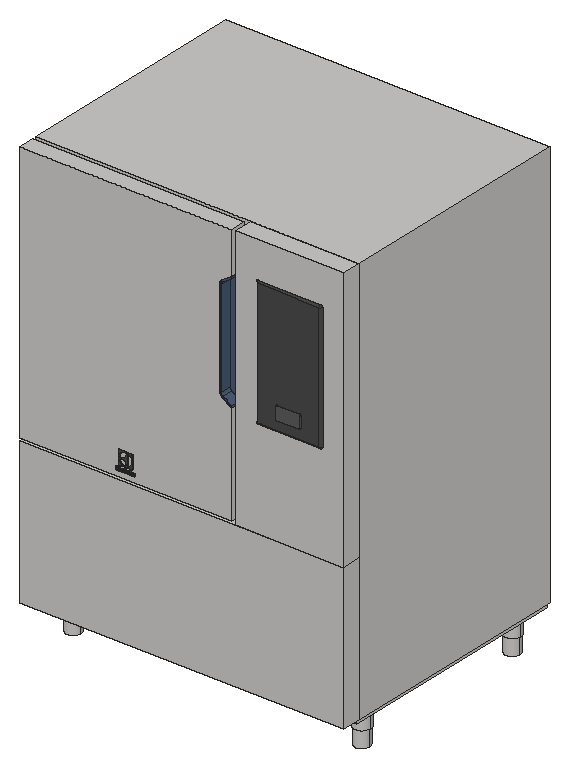
Revit family "QF_ELECTROLUXPROFESSIONAL_727741_EBFA12RE", category Specialty Equipment, Revit 2018 (continued)
Automatic sketch dimensions
  Split face 274 sketch curve to Extrusion 4 = 269.979 mm
  Split face 274 sketch curve to Split face 274 sketch curve = 4.974 mm
  Split face 275 sketch curve to Extrusion 4 = 140.047 mm
  Split face 275 sketch curve to Extrusion 4 = 30.031 mm
  Split face 275 sketch curve to Extrusion 4 = 260.479 mm
  Split face 275 sketch curve to Split face 275 sketch curve = 4.974 mm
  Split face 276 sketch curve to Extrusion 4 = 140.047 mm
  Split face 276 sketch curve to Extrusion 4 = 30.031 mm
  Split face 276 sketch curve to Extrusion 4 = 250.978 mm
  Split face 276 sketch curve to Split face 276 sketch curve = 4.974 mm
  Split face 277 sketch curve to Extrusion 4 = 140.047 mm
  Split face 277 sketch curve to Extrusion 4 = 30.031 mm
  Split face 277 sketch curve to Extrusion 4 = 241.478 mm
  Split face 277 sketch curve to Split face 277 sketch curve = 4.974 mm
  Split face 278 sketch curve to Extrusion 4 = 140.047 mm
  Split face 278 sketch curve to Extrusion 4 = 30.031 mm
  Split face 278 sketch curve to Extrusion 4 = 231.978 mm
  Split face 278 sketch curve to Split face 278 sketch curve = 4.974 mm
  Split face 279 sketch curve to Extrusion 4 = 140.047 mm
  Split face 279 sketch curve to Extrusion 4 = 30.031 mm
  Split face 279 sketch curve to Extrusion 4 = 222.478 mm
  Split face 279 sketch curve to Split face 279 sketch curve = 4.974 mm
  Split face 280 sketch curve to Extrusion 4 = 140.047 mm
  Split face 280 sketch curve to Extrusion 4 = 30.031 mm
  Split face 280 sketch curve to Extrusion 4 = 212.978 mm
  Split face 280 sketch curve to Split face 280 sketch curve = 4.974 mm
  Split face 281 sketch curve to Extrusion 4 = 140.047 mm
  Split face 281 sketch curve to Extrusion 4 = 30.031 mm
  Split face 281 sketch curve to Extrusion 4 = 203.478 mm
  Split face 281 sketch curve to Split face 281 sketch curve = 4.974 mm
  Split face 282 sketch curve to Extrusion 4 = 140.047 mm
  Split face 282 sketch curve to Extrusion 4 = 30.031 mm
  Split face 282 sketch curve to Extrusion 4 = 193.978 mm
  Split face 282 sketch curve to Split face 282 sketch curve = 4.974 mm
  Split face 283 sketch curve to Extrusion 4 = 140.047 mm
  Split face 283 sketch curve to Extrusion 4 = 30.031 mm
  Split face 283 sketch curve to Extrusion 4 = 184.478 mm
  Split face 283 sketch curve to Split face 283 sketch curve = 4.974 mm
  Split face 284 sketch curve to Extrusion 4 = 140.047 mm
  Split face 284 sketch curve to Extrusion 4 = 30.031 mm
  Split face 284 sketch curve to Extrusion 4 = 174.978 mm
  Split face 284 sketch curve to Split face 284 sketch curve = 4.974 mm
  Split face 285 sketch curve to Extrusion 4 = 140.047 mm
  Split face 285 sketch curve to Extrusion 4 = 30.031 mm
  Split face 285 sketch curve to Extrusion 4 = 165.478 mm
  Split face 285 sketch curve to Split face 285 sketch curve = 4.974 mm
  Split face 286 sketch curve to Extrusion 4 = 140.047 mm
  Split face 286 sketch curve to Extrusion 4 = 30.031 mm
  Split face 286 sketch curve to Extrusion 4 = 155.978 mm
  Split face 286 sketch curve to Split face 286 sketch curve = 4.974 mm
  Split face 287 sketch curve to Extrusion 4 = 140.047 mm
  Split face 287 sketch curve to Extrusion 4 = 30.031 mm
  Split face 287 sketch curve to Extrusion 4 = 146.478 mm
  Split face 287 sketch curve to Split face 287 sketch curve = 4.974 mm
  Split face 288 sketch curve to Extrusion 4 = 33.499 mm
  Split face 288 sketch curve to Extrusion 4 = 620.012 mm
  Split face 288 sketch curve to Extrusion 4 = 28.525 mm
  Split face 288 sketch curve to Split face 288 sketch curve = 110.016 mm
  Split face 289 sketch curve to Extrusion 4 = 42.999 mm
  Split face 289 sketch curve to Extrusion 4 = 620.012 mm
  Split face 289 sketch curve to Extrusion 4 = 38.025 mm
  Split face 289 sketch curve to Split face 289 sketch curve = 110.016 mm
  Split face 290 sketch curve to Extrusion 4 = 52.499 mm
  Split face 290 sketch curve to Extrusion 4 = 620.012 mm
  Split face 290 sketch curve to Extrusion 4 = 47.525 mm
  Split face 290 sketch curve to Split face 290 sketch curve = 110.016 mm
  Split face 291 sketch curve to Extrusion 4 = 61.999 mm
  Split face 291 sketch curve to Extrusion 4 = 620.012 mm
  Split face 291 sketch curve to Split face 291 sketch curve = 110.016 mm
  Split face 291 sketch curve to Split face 291 sketch curve = 4.974 mm
  Split face 292 sketch curve to Extrusion 4 = 71.499 mm
  Split face 292 sketch curve to Extrusion 4 = 620.012 mm
  Split face 292 sketch curve to Split face 292 sketch curve = 110.016 mm
  Split face 292 sketch curve to Split face 292 sketch curve = 4.974 mm
  Split face 293 sketch curve to Extrusion 4 = 80.999 mm
  Split face 293 sketch curve to Extrusion 4 = 620.012 mm
  Split face 293 sketch curve to Split face 293 sketch curve = 110.016 mm
  Split face 293 sketch curve to Split face 293 sketch curve = 4.974 mm
  Split face 294 sketch curve to Extrusion 4 = 90.499 mm
  Split face 294 sketch curve to Extrusion 4 = 620.012 mm
  Split face 294 sketch curve to Split face 294 sketch curve = 110.016 mm
  Split face 294 sketch curve to Split face 294 sketch curve = 4.974 mm
  Split face 295 sketch curve to Extrusion 4 = 99.999 mm
  Split face 295 sketch curve to Extrusion 4 = 620.012 mm
  Split face 295 sketch curve to Split face 295 sketch curve = 110.016 mm
  Split face 295 sketch curve to Split face 295 sketch curve = 4.974 mm
  Split face 296 sketch curve to Extrusion 4 = 109.499 mm
  Split face 296 sketch curve to Extrusion 4 = 620.012 mm
  Split face 296 sketch curve to Split face 296 sketch curve = 110.016 mm
  Split face 296 sketch curve to Split face 296 sketch curve = 4.974 mm
  Split face 297 sketch curve to Extrusion 4 = 119 mm
  Split face 297 sketch curve to Extrusion 4 = 620.012 mm
  Split face 297 sketch curve to Split face 297 sketch curve = 110.016 mm
  Split face 297 sketch curve to Split face 297 sketch curve = 4.974 mm
  Split face 298 sketch curve to Extrusion 4 = 128.5 mm
  Split face 298 sketch curve to Extrusion 4 = 620.012 mm
  Split face 298 sketch curve to Split face 298 sketch curve = 110.016 mm
  Split face 298 sketch curve to Split face 298 sketch curve = 4.974 mm
  Split face 299 sketch curve to Extrusion 4 = 138 mm
  Split face 299 sketch curve to Extrusion 4 = 620.012 mm
  Split face 299 sketch curve to Split face 299 sketch curve = 110.016 mm
  Split face 299 sketch curve to Split face 299 sketch curve = 4.974 mm
  Split face 300 sketch curve to Extrusion 4 = 147.5 mm
  Split face 300 sketch curve to Extrusion 4 = 620.012 mm
  Split face 300 sketch curve to Split face 300 sketch curve = 110.016 mm
  Split face 300 sketch curve to Split face 300 sketch curve = 4.974 mm
  Split face 301 sketch curve to Extrusion 4 = 157 mm
  Split face 301 sketch curve to Extrusion 4 = 620.012 mm
  Split face 301 sketch curve to Split face 301 sketch curve = 110.016 mm
  Split face 301 sketch curve to Split face 301 sketch curve = 4.974 mm
  Split face 302 sketch curve to Extrusion 4 = 166.5 mm
  Split face 302 sketch curve to Extrusion 4 = 620.012 mm
  Split face 302 sketch curve to Split face 302 sketch curve = 110.016 mm
  Split face 302 sketch curve to Split face 302 sketch curve = 4.974 mm
  Split face 303 sketch curve to Extrusion 4 = 176 mm
  Split face 303 sketch curve to Extrusion 4 = 620.012 mm
  Split face 303 sketch curve to Split face 303 sketch curve = 110.016 mm
  Split face 303 sketch curve to Split face 303 sketch curve = 4.974 mm
  Split face 304 sketch curve to Extrusion 4 = 185.5 mm
  Split face 304 sketch curve to Extrusion 4 = 620.012 mm
  Split face 304 sketch curve to Split face 304 sketch curve = 110.016 mm
  Split face 304 sketch curve to Split face 304 sketch curve = 4.974 mm
  Split face 305 sketch curve to Extrusion 4 = 195 mm
  Split face 305 sketch curve to Extrusion 4 = 620.012 mm
  Split face 305 sketch curve to Split face 305 sketch curve = 110.016 mm
  Split face 305 sketch curve to Split face 305 sketch curve = 4.974 mm
  Split face 306 sketch curve to Extrusion 4 = 204.5 mm
  Split face 306 sketch curve to Extrusion 4 = 620.012 mm
  Split face 306 sketch curve to Split face 306 sketch curve = 110.016 mm
  Split face 306 sketch curve to Split face 306 sketch curve = 4.974 mm
  Split face 307 sketch curve to Extrusion 4 = 214 mm
  Split face 307 sketch curve to Extrusion 4 = 620.012 mm
  Split face 307 sketch curve to Split face 307 sketch curve = 110.016 mm
  Split face 307 sketch curve to Split face 307 sketch curve = 4.974 mm
  Split face 308 sketch curve to Extrusion 4 = 223.5 mm
  Split face 308 sketch curve to Extrusion 4 = 620.012 mm
  Split face 308 sketch curve to Split face 308 sketch curve = 110.016 mm
  Split face 308 sketch curve to Split face 308 sketch curve = 4.974 mm
  Split face 309 sketch curve to Extrusion 4 = 233.001 mm
  Split face 309 sketch curve to Extrusion 4 = 620.012 mm
  Split face 309 sketch curve to Split face 309 sketch curve = 110.016 mm
  Split face 309 sketch curve to Split face 309 sketch curve = 4.974 mm
  Split face 310 sketch curve to Extrusion 4 = 242.501 mm
  Split face 310 sketch curve to Extrusion 4 = 620.012 mm
  Split face 310 sketch curve to Split face 310 sketch curve = 110.016 mm
  Split face 310 sketch curve to Split face 310 sketch curve = 4.974 mm
  Split face 311 sketch curve to Extrusion 4 = 252.001 mm
  Split face 311 sketch curve to Extrusion 4 = 620.012 mm
  Split face 311 sketch curve to Split face 311 sketch curve = 110.016 mm
  Split face 311 sketch curve to Split face 311 sketch curve = 4.974 mm
  Split face 312 sketch curve to Extrusion 4 = 261.501 mm
  Split face 312 sketch curve to Extrusion 4 = 620.012 mm
  Split face 312 sketch curve to Split face 312 sketch curve = 110.016 mm
  Split face 312 sketch curve to Split face 312 sketch curve = 4.974 mm
  Split face 313 sketch curve to Extrusion 4 = 271.001 mm
  Split face 313 sketch curve to Extrusion 4 = 620.012 mm
  Split face 313 sketch curve to Split face 313 sketch curve = 110.016 mm
  Split face 313 sketch curve to Split face 313 sketch curve = 4.974 mm
  Split face 314 sketch curve to Extrusion 4 = 279.479 mm
  Split face 314 sketch curve to Extrusion 4 = 620.012 mm
  Split face 314 sketch curve to Split face 314 sketch curve = 110.016 mm
  Split face 314 sketch curve to Split face 314 sketch curve = 4.974 mm
  Split face 315 sketch curve to Extrusion 4 = 269.979 mm
  Split face 315 sketch curve to Extrusion 4 = 620.012 mm
  Split face 315 sketch curve to Split face 315 sketch curve = 110.016 mm
  Split face 315 sketch curve to Split face 315 sketch curve = 4.974 mm
  Split face 316 sketch curve to Extrusion 4 = 260.479 mm
  Split face 316 sketch curve to Extrusion 4 = 620.012 mm
  Split face 316 sketch curve to Split face 316 sketch curve = 110.016 mm
  Split face 316 sketch curve to Split face 316 sketch curve = 4.974 mm
  Split face 317 sketch curve to Extrusion 4 = 250.978 mm
  Split face 317 sketch curve to Extrusion 4 = 620.012 mm
  Split face 317 sketch curve to Split face 317 sketch curve = 110.016 mm
  Split face 317 sketch curve to Split face 317 sketch curve = 4.974 mm
  Split face 318 sketch curve to Extrusion 4 = 241.478 mm
  Split face 318 sketch curve to Extrusion 4 = 620.012 mm
  Split face 318 sketch curve to Split face 318 sketch curve = 110.016 mm
  Split face 318 sketch curve to Split face 318 sketch curve = 4.974 mm
  Split face 319 sketch curve to Extrusion 4 = 231.978 mm
  Split face 319 sketch curve to Extrusion 4 = 620.012 mm
  Split face 319 sketch curve to Split face 319 sketch curve = 110.016 mm
  Split face 319 sketch curve to Split face 319 sketch curve = 4.974 mm
  Split face 320 sketch curve to Extrusion 4 = 222.478 mm
  Split face 320 sketch curve to Extrusion 4 = 620.012 mm
  Split face 320 sketch curve to Split face 320 sketch curve = 110.016 mm
  Split face 320 sketch curve to Split face 320 sketch curve = 4.974 mm
  Split face 321 sketch curve to Extrusion 4 = 212.978 mm
  Split face 321 sketch curve to Extrusion 4 = 620.012 mm
  Split face 321 sketch curve to Split face 321 sketch curve = 110.016 mm
  Split face 321 sketch curve to Split face 321 sketch curve = 4.974 mm
  Split face 322 sketch curve to Extrusion 4 = 203.478 mm
  Split face 322 sketch curve to Extrusion 4 = 620.012 mm
  Split face 322 sketch curve to Split face 322 sketch curve = 110.016 mm
  Split face 322 sketch curve to Split face 322 sketch curve = 4.974 mm
  Split face 323 sketch curve to Extrusion 4 = 193.978 mm
  Split face 323 sketch curve to Extrusion 4 = 620.012 mm
  Split face 323 sketch curve to Split face 323 sketch curve = 110.016 mm
  Split face 323 sketch curve to Split face 323 sketch curve = 4.974 mm
  Split face 324 sketch curve to Extrusion 4 = 184.478 mm
  Split face 324 sketch curve to Extrusion 4 = 620.012 mm
  Split face 324 sketch curve to Split face 324 sketch curve = 110.016 mm
  Split face 324 sketch curve to Split face 324 sketch curve = 4.974 mm
  Split face 325 sketch curve to Extrusion 4 = 174.978 mm
  Split face 325 sketch curve to Extrusion 4 = 620.012 mm
  Split face 325 sketch curve to Split face 325 sketch curve = 110.016 mm
  Split face 325 sketch curve to Split face 325 sketch curve = 4.974 mm
  Split face 326 sketch curve to Extrusion 4 = 165.478 mm
  Split face 326 sketch curve to Extrusion 4 = 620.012 mm
  Split face 326 sketch curve to Split face 326 sketch curve = 110.016 mm
  Split face 326 sketch curve to Split face 326 sketch curve = 4.974 mm
  Split face 327 sketch curve to Extrusion 4 = 155.978 mm
  Split face 327 sketch curve to Extrusion 4 = 620.012 mm
  Split face 327 sketch curve to Split face 327 sketch curve = 110.016 mm
  Split face 327 sketch curve to Split face 327 sketch curve = 4.974 mm
  Split face 328 sketch curve to Extrusion 4 = 146.478 mm
  Split face 328 sketch curve to Extrusion 4 = 620.012 mm
  Split face 328 sketch curve to Split face 328 sketch curve = 110.016 mm
  Split face 328 sketch curve to Split face 328 sketch curve = 4.974 mm
  Split face 329 sketch curve to Extrusion 4 = 33.499 mm
  Split face 329 sketch curve to Extrusion 4 = 500.021 mm
  Split face 329 sketch curve to Extrusion 4 = 28.525 mm
  Split face 329 sketch curve to Split face 329 sketch curve = 110.016 mm
  Split face 330 sketch curve to Extrusion 4 = 42.999 mm
  Split face 330 sketch curve to Extrusion 4 = 500.021 mm
  Split face 330 sketch curve to Extrusion 4 = 38.025 mm
  Split face 330 sketch curve to Split face 330 sketch curve = 110.016 mm
  Split face 331 sketch curve to Extrusion 4 = 52.499 mm
  Split face 331 sketch curve to Extrusion 4 = 500.021 mm
  Split face 331 sketch curve to Extrusion 4 = 47.525 mm
  Split face 331 sketch curve to Split face 331 sketch curve = 110.016 mm
  Split face 332 sketch curve to Extrusion 4 = 61.999 mm
  Split face 332 sketch curve to Extrusion 4 = 500.021 mm
  Split face 332 sketch curve to Split face 332 sketch curve = 110.016 mm
  Split face 332 sketch curve to Split face 332 sketch curve = 4.974 mm
  Split face 333 sketch curve to Extrusion 4 = 71.499 mm
  Split face 333 sketch curve to Extrusion 4 = 500.021 mm
  Split face 333 sketch curve to Split face 333 sketch curve = 110.016 mm
  Split face 333 sketch curve to Split face 333 sketch curve = 4.974 mm
  Split face 334 sketch curve to Extrusion 4 = 80.999 mm
  Split face 334 sketch curve to Extrusion 4 = 500.021 mm
  Split face 334 sketch curve to Split face 334 sketch curve = 110.016 mm
  Split face 334 sketch curve to Split face 334 sketch curve = 4.974 mm
  Split face 335 sketch curve to Extrusion 4 = 90.499 mm
  Split face 335 sketch curve to Extrusion 4 = 500.021 mm
  Split face 335 sketch curve to Split face 335 sketch curve = 110.016 mm
  Split face 335 sketch curve to Split face 335 sketch curve = 4.974 mm
  Split face 336 sketch curve to Extrusion 4 = 99.999 mm
  Split face 336 sketch curve to Extrusion 4 = 500.021 mm
  Split face 336 sketch curve to Split face 336 sketch curve = 110.016 mm
  Split face 336 sketch curve to Split face 336 sketch curve = 4.974 mm
  Split face 337 sketch curve to Extrusion 4 = 109.499 mm
  Split face 337 sketch curve to Extrusion 4 = 500.021 mm
  Split face 337 sketch curve to Split face 337 sketch curve = 110.016 mm
  Split face 337 sketch curve to Split face 337 sketch curve = 4.974 mm
  Split face 338 sketch curve to Extrusion 4 = 119 mm
  Split face 338 sketch curve to Extrusion 4 = 500.021 mm
  Split face 338 sketch curve to Split face 338 sketch curve = 110.016 mm
  Split face 338 sketch curve to Split face 338 sketch curve = 4.974 mm
  Split face 339 sketch curve to Extrusion 4 = 128.5 mm
  Split face 339 sketch curve to Extrusion 4 = 500.021 mm
  Split face 339 sketch curve to Split face 339 sketch curve = 110.016 mm
  Split face 339 sketch curve to Split face 339 sketch curve = 4.974 mm
  Split face 340 sketch curve to Extrusion 4 = 138 mm
  Split face 340 sketch curve to Extrusion 4 = 500.021 mm
  Split face 340 sketch curve to Split face 340 sketch curve = 110.016 mm
  Split face 340 sketch curve to Split face 340 sketch curve = 4.974 mm
  Split face 341 sketch curve to Extrusion 4 = 147.5 mm
  Split face 341 sketch curve to Extrusion 4 = 500.021 mm
  Split face 341 sketch curve to Split face 341 sketch curve = 110.016 mm
  Split face 341 sketch curve to Split face 341 sketch curve = 4.974 mm
  Split face 342 sketch curve to Extrusion 4 = 157 mm
  Split face 342 sketch curve to Extrusion 4 = 500.021 mm
  Split face 342 sketch curve to Split face 342 sketch curve = 110.016 mm
  Split face 342 sketch curve to Split face 342 sketch curve = 4.974 mm
  Split face 343 sketch curve to Extrusion 4 = 166.5 mm
  Split face 343 sketch curve to Extrusion 4 = 500.021 mm
  Split face 343 sketch curve to Split face 343 sketch curve = 110.016 mm
  Split face 343 sketch curve to Split face 343 sketch curve = 4.974 mm
  Split face 344 sketch curve to Extrusion 4 = 176 mm
  Split face 344 sketch curve to Extrusion 4 = 500.021 mm
  Split face 344 sketch curve to Split face 344 sketch curve = 110.016 mm
  Split face 344 sketch curve to Split face 344 sketch curve = 4.974 mm
  Split face 345 sketch curve to Extrusion 4 = 185.5 mm
  Split face 345 sketch curve to Extrusion 4 = 500.021 mm
  Split face 345 sketch curve to Split face 345 sketch curve = 110.016 mm
  Split face 345 sketch curve to Split face 345 sketch curve = 4.974 mm
  Split face 346 sketch curve to Extrusion 4 = 195 mm
  Split face 346 sketch curve to Extrusion 4 = 500.021 mm
  Split face 346 sketch curve to Split face 346 sketch curve = 110.016 mm
  Split face 346 sketch curve to Split face 346 sketch curve = 4.974 mm
  Split face 347 sketch curve to Extrusion 4 = 204.5 mm
  Split face 347 sketch curve to Extrusion 4 = 500.021 mm
  Split face 347 sketch curve to Split face 347 sketch curve = 110.016 mm
  Split face 347 sketch curve to Split face 347 sketch curve = 4.974 mm
  Split face 348 sketch curve to Extrusion 4 = 214 mm
  Split face 348 sketch curve to Extrusion 4 = 500.021 mm
  Split face 348 sketch curve to Split face 348 sketch curve = 110.016 mm
  Split face 348 sketch curve to Split face 348 sketch curve = 4.974 mm
  Split face 349 sketch curve to Extrusion 4 = 223.5 mm
  Split face 349 sketch curve to Extrusion 4 = 500.021 mm
  Split face 349 sketch curve to Split face 349 sketch curve = 110.016 mm
  Split face 349 sketch curve to Split face 349 sketch curve = 4.974 mm
  Split face 350 sketch curve to Extrusion 4 = 233.001 mm
  Split face 350 sketch curve to Extrusion 4 = 500.021 mm
  Split face 350 sketch curve to Split face 350 sketch curve = 110.016 mm
  Split face 350 sketch curve to Split face 350 sketch curve = 4.974 mm
  Split face 351 sketch curve to Extrusion 4 = 242.501 mm
  Split face 351 sketch curve to Extrusion 4 = 500.021 mm
  Split face 351 sketch curve to Split face 351 sketch curve = 110.016 mm
  Split face 351 sketch curve to Split face 351 sketch curve = 4.974 mm
  Split face 352 sketch curve to Extrusion 4 = 500.021 mm
  Split face 352 sketch curve to Split face 352 sketch curve = 110.016 mm
  Split face 352 sketch curve to Extrusion 4 = 252.001 mm
  Split face 352 sketch curve to Split face 352 sketch curve = 4.974 mm
  Split face 353 sketch curve to Extrusion 4 = 500.021 mm
  Split face 353 sketch curve to Split face 353 sketch curve = 110.016 mm
  Split face 353 sketch curve to Extrusion 4 = 261.501 mm
  Split face 353 sketch curve to Split face 353 sketch curve = 4.974 mm
  Split face 354 sketch curve to Extrusion 4 = 500.021 mm
  Split face 354 sketch curve to Split face 354 sketch curve = 110.016 mm
  Split face 354 sketch curve to Extrusion 4 = 271.001 mm
  Split face 354 sketch curve to Split face 354 sketch curve = 4.974 mm
  Split face 355 sketch curve to Extrusion 4 = 500.021 mm
  Split face 355 sketch curve to Split face 355 sketch curve = 110.016 mm
  Split face 355 sketch curve to Extrusion 4 = 279.479 mm
  Split face 355 sketch curve to Split face 355 sketch curve = 4.974 mm
  Split face 356 sketch curve to Extrusion 4 = 500.021 mm
  Split face 356 sketch curve to Split face 356 sketch curve = 110.016 mm
  Split face 356 sketch curve to Extrusion 4 = 269.979 mm
  Split face 356 sketch curve to Split face 356 sketch curve = 4.974 mm
  Split face 357 sketch curve to Extrusion 4 = 500.021 mm
  Split face 357 sketch curve to Split face 357 sketch curve = 110.016 mm
  Split face 357 sketch curve to Extrusion 4 = 260.479 mm
  Split face 357 sketch curve to Split face 357 sketch curve = 4.974 mm
  Split face 358 sketch curve to Extrusion 4 = 500.021 mm
  Split face 358 sketch curve to Split face 358 sketch curve = 110.016 mm
  Split face 358 sketch curve to Extrusion 4 = 250.978 mm
  Split face 358 sketch curve to Split face 358 sketch curve = 4.974 mm
  Split face 359 sketch curve to Extrusion 4 = 241.478 mm
  Split face 359 sketch curve to Extrusion 4 = 500.021 mm
  Split face 359 sketch curve to Split face 359 sketch curve = 110.016 mm
  Split face 359 sketch curve to Split face 359 sketch curve = 4.974 mm
  Split face 360 sketch curve to Extrusion 4 = 231.978 mm
  Split face 360 sketch curve to Extrusion 4 = 500.021 mm
  Split face 360 sketch curve to Split face 360 sketch curve = 110.016 mm
  Split face 360 sketch curve to Split face 360 sketch curve = 4.974 mm
  Split face 361 sketch curve to Extrusion 4 = 222.478 mm
  Split face 361 sketch curve to Extrusion 4 = 500.021 mm
  Split face 361 sketch curve to Split face 361 sketch curve = 110.016 mm
  Split face 361 sketch curve to Split face 361 sketch curve = 4.974 mm
  Split face 362 sketch curve to Extrusion 4 = 212.978 mm
  Split face 362 sketch curve to Extrusion 4 = 500.021 mm
  Split face 362 sketch curve to Split face 362 sketch curve = 110.016 mm
  Split face 362 sketch curve to Split face 362 sketch curve = 4.974 mm
  Split face 363 sketch curve to Extrusion 4 = 203.478 mm
  Split face 363 sketch curve to Extrusion 4 = 500.021 mm
  Split face 363 sketch curve to Split face 363 sketch curve = 110.016 mm
  Split face 363 sketch curve to Split face 363 sketch curve = 4.974 mm
  Split face 364 sketch curve to Extrusion 4 = 193.978 mm
  Split face 364 sketch curve to Extrusion 4 = 500.021 mm
  Split face 364 sketch curve to Split face 364 sketch curve = 110.016 mm
  Split face 364 sketch curve to Split face 364 sketch curve = 4.974 mm
  Split face 365 sketch curve to Extrusion 4 = 184.478 mm
  Split face 365 sketch curve to Extrusion 4 = 500.021 mm
  Split face 365 sketch curve to Split face 365 sketch curve = 110.016 mm
  Split face 365 sketch curve to Split face 365 sketch curve = 4.974 mm
  Split face 366 sketch curve to Extrusion 4 = 174.978 mm
  Split face 366 sketch curve to Extrusion 4 = 500.021 mm
  Split face 366 sketch curve to Split face 366 sketch curve = 110.016 mm
  Split face 366 sketch curve to Split face 366 sketch curve = 4.974 mm
  Split face 367 sketch curve to Extrusion 4 = 165.478 mm
  Split face 367 sketch curve to Extrusion 4 = 500.021 mm
  Split face 367 sketch curve to Split face 367 sketch curve = 110.016 mm
  Split face 367 sketch curve to Split face 367 sketch curve = 4.974 mm
  Split face 368 sketch curve to Extrusion 4 = 155.978 mm
  Split face 368 sketch curve to Extrusion 4 = 500.021 mm
  Split face 368 sketch curve to Split face 368 sketch curve = 110.016 mm
  Split face 368 sketch curve to Split face 368 sketch curve = 4.974 mm
  Split face 369 sketch curve to Extrusion 4 = 146.478 mm
  Split face 369 sketch curve to Extrusion 4 = 500.021 mm
  Split face 369 sketch curve to Split face 369 sketch curve = 110.016 mm
  Split face 369 sketch curve to Split face 369 sketch curve = 4.974 mm
  Split face 370 sketch curve to Extrusion 4 = 33.499 mm
  Split face 370 sketch curve to Extrusion 4 = 509.996 mm
  Split face 370 sketch curve to Extrusion 4 = 28.525 mm
  Split face 370 sketch curve to Split face 370 sketch curve = 110.016 mm
  Split face 371 sketch curve to Extrusion 4 = 42.999 mm
  Split face 371 sketch curve to Extrusion 4 = 509.996 mm
  Split face 371 sketch curve to Extrusion 4 = 38.025 mm
  Split face 371 sketch curve to Split face 371 sketch curve = 110.016 mm
  Split face 372 sketch curve to Extrusion 4 = 52.499 mm
  Split face 372 sketch curve to Extrusion 4 = 509.996 mm
  Split face 372 sketch curve to Extrusion 4 = 47.525 mm
  Split face 372 sketch curve to Split face 372 sketch curve = 110.016 mm
  Split face 373 sketch curve to Extrusion 4 = 61.999 mm
  Split face 373 sketch curve to Extrusion 4 = 509.996 mm
  Split face 373 sketch curve to Split face 373 sketch curve = 110.016 mm
  Split face 373 sketch curve to Split face 373 sketch curve = 4.974 mm
  Split face 374 sketch curve to Extrusion 4 = 71.499 mm
  Split face 374 sketch curve to Extrusion 4 = 509.996 mm
  Split face 374 sketch curve to Split face 374 sketch curve = 110.016 mm
  Split face 374 sketch curve to Split face 374 sketch curve = 4.974 mm
  Split face 375 sketch curve to Extrusion 4 = 80.999 mm
  Split face 375 sketch curve to Extrusion 4 = 509.996 mm
  Split face 375 sketch curve to Split face 375 sketch curve = 110.016 mm
  Split face 375 sketch curve to Split face 375 sketch curve = 4.974 mm
  Split face 376 sketch curve to Extrusion 4 = 90.499 mm
  Split face 376 sketch curve to Extrusion 4 = 509.996 mm
  Split face 376 sketch curve to Split face 376 sketch curve = 110.016 mm
  Split face 376 sketch curve to Split face 376 sketch curve = 4.974 mm
  Split face 377 sketch curve to Extrusion 4 = 99.999 mm
  Split face 377 sketch curve to Extrusion 4 = 509.996 mm
  Split face 377 sketch curve to Split face 377 sketch curve = 110.016 mm
  Split face 377 sketch curve to Split face 377 sketch curve = 4.974 mm
  Split face 378 sketch curve to Extrusion 4 = 109.499 mm
  Split face 378 sketch curve to Extrusion 4 = 509.996 mm
  Split face 378 sketch curve to Split face 378 sketch curve = 110.016 mm
  Split face 378 sketch curve to Split face 378 sketch curve = 4.974 mm
  Split face 379 sketch curve to Extrusion 4 = 119 mm
  Split face 379 sketch curve to Extrusion 4 = 509.996 mm
  Split face 379 sketch curve to Split face 379 sketch curve = 110.016 mm
  Split face 379 sketch curve to Split face 379 sketch curve = 4.974 mm
  Split face 380 sketch curve to Extrusion 4 = 128.5 mm
  Split face 380 sketch curve to Extrusion 4 = 509.996 mm
  Split face 380 sketch curve to Split face 380 sketch curve = 110.016 mm
  Split face 380 sketch curve to Split face 380 sketch curve = 4.974 mm
  Split face 381 sketch curve to Extrusion 4 = 138 mm
  Split face 381 sketch curve to Extrusion 4 = 509.996 mm
  Split face 381 sketch curve to Split face 381 sketch curve = 110.016 mm
  Split face 381 sketch curve to Split face 381 sketch curve = 4.974 mm
  Split face 382 sketch curve to Extrusion 4 = 147.5 mm
  Split face 382 sketch curve to Extrusion 4 = 509.996 mm
  Split face 382 sketch curve to Split face 382 sketch curve = 110.016 mm
  Split face 382 sketch curve to Split face 382 sketch curve = 4.974 mm
  Split face 383 sketch curve to Extrusion 4 = 157 mm
  Split face 383 sketch curve to Extrusion 4 = 509.996 mm
  Split face 383 sketch curve to Split face 383 sketch curve = 110.016 mm
  Split face 383 sketch curve to Split face 383 sketch curve = 4.974 mm
  Split face 384 sketch curve to Extrusion 4 = 166.5 mm
  Split face 384 sketch curve to Extrusion 4 = 509.996 mm
  Split face 384 sketch curve to Split face 384 sketch curve = 110.016 mm
  Split face 384 sketch curve to Split face 384 sketch curve = 4.974 mm
  Split face 385 sketch curve to Extrusion 4 = 176 mm
  Split face 385 sketch curve to Extrusion 4 = 509.996 mm
  Split face 385 sketch curve to Split face 385 sketch curve = 110.016 mm
  Split face 385 sketch curve to Split face 385 sketch curve = 4.974 mm
  Split face 386 sketch curve to Extrusion 4 = 185.5 mm
  Split face 386 sketch curve to Extrusion 4 = 509.996 mm
  Split face 386 sketch curve to Split face 386 sketch curve = 110.016 mm
  Split face 386 sketch curve to Split face 386 sketch curve = 4.974 mm
  Split face 387 sketch curve to Extrusion 4 = 195 mm
  Split face 387 sketch curve to Extrusion 4 = 509.996 mm
  Split face 387 sketch curve to Split face 387 sketch curve = 110.016 mm
  Split face 387 sketch curve to Split face 387 sketch curve = 4.974 mm
  Split face 388 sketch curve to Extrusion 4 = 204.5 mm
  Split face 388 sketch curve to Extrusion 4 = 509.996 mm
  Split face 388 sketch curve to Split face 388 sketch curve = 110.016 mm
  Split face 388 sketch curve to Split face 388 sketch curve = 4.974 mm
  Split face 389 sketch curve to Extrusion 4 = 214 mm
  Split face 389 sketch curve to Extrusion 4 = 509.996 mm
  Split face 389 sketch curve to Split face 389 sketch curve = 110.016 mm
  Split face 389 sketch curve to Split face 389 sketch curve = 4.974 mm
  Split face 390 sketch curve to Extrusion 4 = 223.5 mm
  Split face 390 sketch curve to Extrusion 4 = 509.996 mm
  Split face 390 sketch curve to Split face 390 sketch curve = 110.016 mm
  Split face 390 sketch curve to Split face 390 sketch curve = 4.974 mm
  Split face 391 sketch curve to Extrusion 4 = 233.001 mm
  Split face 391 sketch curve to Extrusion 4 = 509.996 mm
  Split face 391 sketch curve to Split face 391 sketch curve = 110.016 mm
  Split face 391 sketch curve to Split face 391 sketch curve = 4.974 mm
  Split face 392 sketch curve to Extrusion 4 = 242.501 mm
  Split face 392 sketch curve to Extrusion 4 = 509.996 mm
  Split face 392 sketch curve to Split face 392 sketch curve = 110.016 mm
  Split face 392 sketch curve to Split face 392 sketch curve = 4.974 mm
  Split face 393 sketch curve to Extrusion 4 = 252.001 mm
  Split face 393 sketch curve to Extrusion 4 = 509.996 mm
  Split face 393 sketch curve to Split face 393 sketch curve = 110.016 mm
  Split face 393 sketch curve to Split face 393 sketch curve = 4.974 mm
  Split face 394 sketch curve to Extrusion 4 = 509.996 mm
  Split face 394 sketch curve to Split face 394 sketch curve = 110.016 mm
  Split face 394 sketch curve to Extrusion 4 = 261.501 mm
  Split face 394 sketch curve to Split face 394 sketch curve = 4.974 mm
  Split face 395 sketch curve to Extrusion 4 = 509.996 mm
  Split face 395 sketch curve to Split face 395 sketch curve = 110.016 mm
  Split face 395 sketch curve to Extrusion 4 = 271.001 mm
  Split face 395 sketch curve to Split face 395 sketch curve = 4.974 mm
  Split face 396 sketch curve to Extrusion 4 = 509.996 mm
  Split face 396 sketch curve to Split face 396 sketch curve = 110.016 mm
  Split face 396 sketch curve to Extrusion 4 = 279.479 mm
  Split face 396 sketch curve to Split face 396 sketch curve = 4.974 mm
  Split face 397 sketch curve to Extrusion 4 = 509.996 mm
  Split face 397 sketch curve to Split face 397 sketch curve = 110.016 mm
  Split face 397 sketch curve to Extrusion 4 = 269.979 mm
  Split face 397 sketch curve to Split face 397 sketch curve = 4.974 mm
  Split face 398 sketch curve to Extrusion 4 = 509.996 mm
  Split face 398 sketch curve to Split face 398 sketch curve = 110.016 mm
  Split face 398 sketch curve to Extrusion 4 = 260.479 mm
  Split face 398 sketch curve to Split face 398 sketch curve = 4.974 mm
  Split face 399 sketch curve to Extrusion 4 = 250.978 mm
  Split face 399 sketch curve to Extrusion 4 = 509.996 mm
  Split face 399 sketch curve to Split face 399 sketch curve = 110.016 mm
  Split face 399 sketch curve to Split face 399 sketch curve = 4.974 mm
  Split face 400 sketch curve to Extrusion 4 = 241.478 mm
  Split face 400 sketch curve to Extrusion 4 = 509.996 mm
  Split face 400 sketch curve to Split face 400 sketch curve = 110.016 mm
  Split face 400 sketch curve to Split face 400 sketch curve = 4.974 mm
  Split face 401 sketch curve to Extrusion 4 = 231.978 mm
  Split face 401 sketch curve to Extrusion 4 = 509.996 mm
  Split face 401 sketch curve to Split face 401 sketch curve = 110.016 mm
  Split face 401 sketch curve to Split face 401 sketch curve = 4.974 mm
  Split face 402 sketch curve to Extrusion 4 = 222.478 mm
  Split face 402 sketch curve to Extrusion 4 = 509.996 mm
  Split face 402 sketch curve to Split face 402 sketch curve = 110.016 mm
  Split face 402 sketch curve to Split face 402 sketch curve = 4.974 mm
  Split face 403 sketch curve to Extrusion 4 = 212.978 mm
  Split face 403 sketch curve to Extrusion 4 = 509.996 mm
  Split face 403 sketch curve to Split face 403 sketch curve = 110.016 mm
  Split face 403 sketch curve to Split face 403 sketch curve = 4.974 mm
  Split face 404 sketch curve to Extrusion 4 = 203.478 mm
  Split face 404 sketch curve to Extrusion 4 = 509.996 mm
  Split face 404 sketch curve to Split face 404 sketch curve = 110.016 mm
  Split face 404 sketch curve to Split face 404 sketch curve = 4.974 mm
  Split face 405 sketch curve to Extrusion 4 = 193.978 mm
  Split face 405 sketch curve to Extrusion 4 = 509.996 mm
  Split face 405 sketch curve to Split face 405 sketch curve = 110.016 mm
  Split face 405 sketch curve to Split face 405 sketch curve = 4.974 mm
  Split face 406 sketch curve to Extrusion 4 = 184.478 mm
  Split face 406 sketch curve to Extrusion 4 = 509.996 mm
  Split face 406 sketch curve to Split face 406 sketch curve = 110.016 mm
  Split face 406 sketch curve to Split face 406 sketch curve = 4.974 mm
  Split face 407 sketch curve to Extrusion 4 = 174.978 mm
  Split face 407 sketch curve to Extrusion 4 = 509.996 mm
  Split face 407 sketch curve to Split face 407 sketch curve = 110.016 mm
  Split face 407 sketch curve to Split face 407 sketch curve = 4.974 mm
  Split face 408 sketch curve to Extrusion 4 = 165.478 mm
  Split face 408 sketch curve to Extrusion 4 = 509.996 mm
  Split face 408 sketch curve to Split face 408 sketch curve = 110.016 mm
  Split face 408 sketch curve to Split face 408 sketch curve = 4.974 mm
  Split face 409 sketch curve to Extrusion 4 = 155.978 mm
  Split face 409 sketch curve to Extrusion 4 = 509.996 mm
  Split face 409 sketch curve to Split face 409 sketch curve = 110.016 mm
  Split face 409 sketch curve to Split face 409 sketch curve = 4.974 mm
  Split face 410 sketch curve to Extrusion 4 = 146.478 mm
  Split face 410 sketch curve to Extrusion 4 = 509.996 mm
  Split face 410 sketch curve to Split face 410 sketch curve = 110.016 mm
  Split face 410 sketch curve to Split face 410 sketch curve = 4.974 mm
  Extrusion 14 sketch curve to plane 7 "TOP" = 0 mm
  plane 5 "FRONT" to Extrusion 14 sketch curve = 0 mm
  plane 10 to Extrusion 14 sketch curve = 47.24 mm
  Extrusion 14 sketch curve to plane 7 "TOP" = 186.112 mm
  Extrusion 14 sketch curve to Extrusion 14 sketch curve = 8.487 mm
  Extrusion 14 sketch curve to Extrusion 14 sketch curve = 8.95 mm
  Extrusion 14 sketch curve to Extrusion 14 sketch curve = 10.513 mm
  Extrusion 14 sketch curve to Extrusion 14 sketch curve = 11.05 mm
  Extrusion 14 sketch curve to Extrusion 14 sketch curve = 35.79 mm
  Extrusion 14 sketch curve to plane 7 "TOP" = 162.03 mm
  Extrusion 14 sketch curve to Extrusion 14 sketch curve = 36.253 mm
  Extrusion 14 sketch curve to Extrusion 14 sketch curve = 374.913 mm
  Extrusion 14 sketch curve to Extrusion 14 sketch curve = 23.723 mm
  plane 6 to Extrusion 14 sketch curve = 589.524 mm
  plane 10 to Extrusion 15 sketch curve = 47.24 mm
  Extrusion 15 sketch curve to plane 7 "TOP" = 186.112 mm
  Extrusion 15 sketch curve to Extrusion 15 sketch curve = 8.487 mm
  Extrusion 15 sketch curve to Extrusion 15 sketch curve = 8.95 mm
  Extrusion 15 sketch curve to Extrusion 15 sketch curve = 19 mm
  Extrusion 15 sketch curve to Extrusion 15 sketch curve = 11.05 mm
  Extrusion 15 sketch curve to Extrusion 15 sketch curve = 374.913 mm
  Extrusion 15 sketch curve to plane 7 "TOP" = 162.03 mm
  Extrusion 15 sketch curve to Extrusion 15 sketch curve = 36.253 mm
  Extrusion 15 sketch curve to Extrusion 15 sketch curve = 35.79 mm
  Extrusion 15 sketch curve to Extrusion 15 sketch curve = 0 mm  (x3)
  Extrusion 15 sketch curve to Extrusion 15 sketch curve = 23.723 mm
  Extrusion 16 sketch curve to Extrusion 16 sketch curve = 0 mm  (x4)
  Extrusion 16 sketch curve to plane 7 "TOP" = 168.172 mm
  Extrusion 16 sketch curve to plane 10 = 0 mm  (x2)
  Extrusion 16 sketch curve to plane 7 "TOP" = 162.03 mm
  Extrusion 16 sketch curve to Extrusion 16 sketch curve = 2.5 mm  (x2)
  Extrusion 16 sketch curve to Extrusion 16 sketch curve = 27.24 mm
  Extrusion 16 sketch curve to Extrusion 16 sketch curve = 28.24 mm
  Extrusion 16 sketch curve to Extrusion 16 sketch curve = 7.459 mm
  Extrusion 16 sketch curve to plane 7 "TOP" = 191.526 mm
  Extrusion 16 sketch curve to Extrusion 16 sketch curve = 6.917 mm
  Extrusion 16 sketch curve to Extrusion 16 sketch curve = 3.591 mm
  Extrusion 16 sketch curve to plane 7 "TOP" = 186.112 mm
  Extrusion 16 sketch curve to Extrusion 16 sketch curve = 3.597 mm
  Extrusion 16 sketch curve to Extrusion 16 sketch curve = 5.583 mm
  Extrusion 16 sketch curve to Extrusion 16 sketch curve = 374.913 mm
  Extrusion 16 sketch curve to Extrusion 16 sketch curve = 23 mm
  Extrusion 16 sketch curve to Extrusion 16 sketch curve = 6.141 mm
  plane 5 "FRONT" to Extrusion 1 sketch curve = 76 mm
  plane 5 "FRONT" to Extrusion 5 sketch curve = 78 mm
  curve 21 to plane 12 "LEFT" = 0 mm
  curve 19 to plane 12 "LEFT" = 0 mm
  curve 27 to plane 5 "FRONT" = 0 mm
  curve 18 to plane 5 "FRONT" = 0 mm
  curve 27 to plane 5 "FRONT" = 1 mm
  plane 3 "Center Y" to curve 27 = 148.46 mm
  curve 27 to curve 23 = 44.74 mm
  curve 22 to curve 25 = 2.5 mm
  curve 20 to curve 18 = 14.8 mm
  plane 5 "FRONT" to curve 26 = 39 mm
  curve 21 to curve 20 = 60 mm
  curve 20 to curve 18 = 16 mm
  Extrusion 10 sketch curve to plane 5 "FRONT" = 0 mm
  plane 12 "LEFT" to Extrusion 10 sketch curve = 23.403 mm
  Extrusion 10 sketch curve to plane 13 = 14 mm
  plane 3 "Center Y" to Extrusion 10 sketch curve = 193.2 mm
  plane 10 to Extrusion 10 sketch curve = 2.5 mm
  curve 1 to plane 4 "BACK" = 0 mm
  curve 1 to plane 11 "RIGHT" = 0 mm
  curve 13 to plane 5 "FRONT" = 0 mm
  curve 6 to plane 9 = 0 mm
  curve 14 to plane 5 "FRONT" = 0 mm
  curve 17 to plane 5 "FRONT" = 0 mm
  curve 2 to plane 12 "LEFT" = 0 mm
  curve 15 to plane 5 "FRONT" = 0 mm
  plane 14 to curve 9 = 15.5 mm
  curve 13 to plane 5 "FRONT" = 5 mm
  plane 14 to curve 13 = 22.5 mm
  curve 8 to curve 10 = 21 mm
  curve 8 to curve 6 = 63.778 mm
  curve 11 to curve 11 = 238 mm
  curve 6 to curve 6 = 164.232 mm
  plane 10 to curve 17 = 2.5 mm
  curve 17 to plane 13 = 14 mm
  plane 12 "LEFT" to curve 14 = 23.403 mm
  curve 16 to plane 12 "LEFT" = 7 mm
  curve 10 to curve 10 = 29 mm
  plane 5 "FRONT" to curve 14 = 17.949 mm
  curve 13 to curve 11 = 8 mm
  curve 10 to curve 7 = 55.686 mm
  curve 11 to curve 12 = 8 mm
  curve 5 to curve 5 = 8.092 mm
  curve 3 to curve 14 = 14.8 mm
  curve 2 to curve 14 = 58.051 mm
  radius of Extrusion 3 sketch curve = 10.5 mm
  radius of Extrusion 6 sketch curve = 9.5 mm
  radius of Extrusion 18 sketch curve = 8 mm
  radius of Extrusion 17 sketch curve = 4.75 mm
Nested families
  nested 1: "Foot_Complete" at (-869.5, -118.149, 0), type "Foot_Complete"
    with H 130 mm
  nested 2: "Foot_Complete" at (246.5, -118.149, 0), type "Foot_Complete"
    with H 130 mm
  nested 3: "Foot_Complete" at (246.5, 608.851, 0), type "Foot_Complete"
    with H 130 mm
  nested 4: "Foot_Complete" at (-869.5, 608.851, 0), type "Foot_Complete"
    with H 130 mm
  nested 5: "ELX_Touch" at (105, -292.149, 1341.605) x (-1, 0, 0) z (0, -1, 0), type "ELX_Touch"
  nested 6: "ELX_Logo_S_New" at (-527.4, -292.149, 749.524) x (1, 0, 0) z (0, -1, 0), visible <- "Show Logo", type "ELX_Logo_S_New"
    with M QF_Finishes_Black
  nested 7: "ELX_Logo_Symbol" at (-527.4, -292.149, 789.524) x (-1, 0, 0) z (0, -1, 0), visible <- "Show Logo", type "ELX_Logo_Symbol"
    with M QF_Finishes_Black
Connectors
  electrical at (220.5, 732.851, 593), driven by "Volts"
    settings: on Extrusion 3, index 5, voltage 220 V, apparent load 0 VA, apparent load phase1 0 VA, apparent load phase2 0 VA, apparent load phase3 0 VA, power factor 1, load classification "Altro", number of poles 1, system type 30, power factor state 1, is connector primary yes, connector utility no, sub classification motor no, connector description "Electrical Connection"
  piping at (-366.5, 215.851, 98.32), diameter 19
    settings: on cut or joined group of Extrusion 1, Extrusion 2, Extrusion 3, Extrusion 5, Extrusion 6, Extrusion 7, Extrusion 13, index 6, connector inside diameter 609.6 mm, connector length 0 mm, flow factor 0, pipe flow 0.0 L/s, pressure drop 0.0 Pa, fitting loss kfactor 0, connector angle 0.00°, fixture units 0, engagement length 0 mm, angle of deflection 0.00°, flow configuration 1, flow direction 2, fitting loss method 0, system type 16, joint type 0, gender type 0, connector reference index -1, connector utility 0, adjustable connector no, is connector primary yes, connector description "Drain"
  piping at (37.7, 683.851, 222), diameter 18
    settings: on Extrusion 18, index 10, connector inside diameter 609.6 mm, connector length 0 mm, flow factor 0, pipe flow 0.0 L/s, pressure drop 0.0 Pa, fitting loss kfactor 0, connector angle 0.00°, fixture units 0, engagement length 0 mm, angle of deflection 0.00°, flow configuration 1, flow direction 1, fitting loss method 0, system type 8, joint type 0, gender type 0, connector reference index -1, connector utility 0, adjustable connector no, is connector primary no, connector description "Refrigerant Outlet"
  piping at (95.3, 623.851, 217), diameter 9.5
    settings: on Extrusion 17, index 11, connector inside diameter 609.6 mm, connector length 0 mm, flow factor 0, pipe flow 0.0 L/s, pressure drop 0.0 Pa, fitting loss kfactor 0, connector angle 0.00°, fixture units 0, engagement length 0 mm, angle of deflection 0.00°, flow configuration 1, flow direction 1, fitting loss method 0, system type 7, joint type 0, gender type 0, connector reference index -1, connector utility 0, adjustable connector no, is connector primary no, connector description "Refrigerant Inlet"
Definition of nested family "Foot_Complete"
  Parameters
    R = 32 mm
    H = 150 mm
  Reference planes
    plane 1 "Centro (Fronte/Retro)": y = 0
    plane 2: z = 0
    plane 3 "Centro (Sinistra/Destra)": x = 0
    plane 4: z = 150
  Forms (mm)
    Revolve 1, solid
      sketch origin (255.05, 0, 608.09) x (0, 0, 1) y (-1, 0, 0)
        loop
          line (-608.09, 255.05) -> (-608.09, 226.55) -> (-544.09, 226.55) -> (-544.09, 223.05) -> (-458.09, 223.05) -> (-458.09, 255.05) -> (-608.09, 255.05)
        axis (-608.09, 255.05) -> (-458.09, 255.05)
      angle from 0 to 360
  Dimensions and locks
    locked: level to Revolve 1 sketch curve at 64
    "R": Revolve 1 sketch curve to plane 3 "Centro (Sinistra/Destra)"
    "H": plane 4 to level
    aligned and locked: level to plane 2
    aligned and locked: plane 4 to Revolve 1 sketch curve
    aligned and locked: Revolve 1 sketch curve to level
    aligned and locked: plane 3 "Centro (Sinistra/Destra)" to Revolve 1 sketch curve
  Automatic sketch dimensions
    Revolve 1 sketch curve to plane 3 "Centro (Sinistra/Destra)" = 0 mm
    plane 3 "Centro (Sinistra/Destra)" to Revolve 1 sketch curve = 28.5 mm
    Revolve 1 sketch curve to Revolve 1 sketch curve = 50 mm
    Revolve 1 sketch curve to Revolve 1 sketch curve = 20 mm
Definition of nested family "ELX_Touch"
  Parameters
    Default Elevation = 1219.2 mm
  Reference planes
    plane 1 "Centro (Fronte/Retro)": y = 0
    plane 2: z = 0
    plane 3 "Centro (Sinistra/Destra)": x = 0
  Forms (mm)
    Extrusion 1, solid
      sketch origin (0, 0, 0) x (1, 0, 0) y (0, 1, 0)
        loop
          line (-1219.2, 1219.2) -> (-1219.2, -1219.2) -> (1219.2, -1219.2) -> (1219.2, 1219.2) -> (-1219.2, 1219.2)
      from 0 to -304.8
    Extrusion 2, solid
      sketch origin (0, 0, 5) x (1, 0, 0) y (0, 1, 0)
        loop
          line (-47, -160) -> (-47, -202)
          arc (-47, -202) -> (-45.536, -205.535) -> (-42, -207) r 5
          line (-42, -207) -> (42, -207)
          arc (42, -207) -> (45.536, -205.535) -> (47, -202) r 5
          line (47, -202) -> (47, -160)
          arc (47, -160) -> (45.536, -156.465) -> (42, -155) r 5
          line (42, -155) -> (-42, -155)
          arc (-42, -155) -> (-45.536, -156.465) -> (-47, -160) r 5
      from 0 to 2
    Blend 3, solid
      base sketch origin (0, 0, 0) x (1, 0, 0) y (0, 1, 0)
        loop
          line (-127, 244) -> (-127, -244)
          arc (-127, -244) -> (-125.536, -247.536) -> (-122, -249) r 5
          line (-122, -249) -> (122, -249)
          arc (122, -249) -> (125.536, -247.536) -> (127, -244) r 5
          line (127, -244) -> (127, 244)
          arc (127, 244) -> (125.536, 247.536) -> (122, 249) r 5
          line (122, 249) -> (-122, 249)
          arc (-122, 249) -> (-125.536, 247.536) -> (-127, 244) r 5
      top sketch origin (0, 0, 0) x (1, 0, 0) y (0, 1, 0)
        loop
          line (-119, -241) -> (119, -241) -> (119, 241) -> (-119, 241) -> (-119, -241)
      from 0 to 5
  Lines and regions (mm)
    Split face 1
      outline origin (0, 0, 5) x (1, 0, 0) y (0, 1, 0)
        loop
          line (-70.506, 46.167) -> (70.506, 46.167) -> (70.506, 214.829) -> (-70.506, 214.829) -> (-70.506, 46.167)
    Split face 2
      outline origin (0, 0, 5) x (1, 0, 0) y (0, 1, 0)
        loop
          line (-47.467, 50.825) -> (47.467, 50.825) -> (47.467, 210.171) -> (-47.467, 210.171) -> (-47.467, 50.825)
    Split face 3
      outline origin (0, 0, 5) x (1, 0, 0) y (0, 1, 0)
        loop
          line (-70.521, -215.33) -> (70.521, -215.33) -> (70.521, -146.67) -> (-70.521, -146.67) -> (-70.521, -215.33)
    Split face 4
      outline origin (0, 0, 5) x (1, 0, 0) y (0, 1, 0)
        loop
          line (-119, 201.163) -> (-70.506, 201.163)
        loop
          line (70.506, 201.163) -> (119, 201.163)
        loop
          line (70.521, -200.849) -> (119, -200.849)
        loop
          line (-119, -200.849) -> (-70.521, -200.849)
  Dimensions and locks
    aligned and locked: plane 2 to Extrusion 1
    aligned and locked: level to Extrusion 1
Definition of nested family "ELX_Logo_S_New"
  Parameters
    Default Elevation = 0 mm
    M [instance] = none
  Reference planes
    plane 1 "Centro (Fronte/Retro)": y = 0
    plane 2: z = 0
    plane 3 "Centro (Sinistra/Destra)": x = 0
  Forms (mm)
    Extrusion 1, solid
      sketch origin (0, 0, 0) x (1, 0, 0) y (0, 1, 0)
        loop
          line (-1219.2, 1219.2) -> (-1219.2, -1219.2) -> (1219.2, -1219.2) -> (1219.2, 1219.2) -> (-1219.2, 1219.2)
      from 0 to -304.8
    Extrusion 2, solid, material <- "M"
      sketch origin (0, 0, 0) x (1, 0, 0) y (0, 1, 0)
        loop
          spline (-32.537, -4.135) -> (-32.702, -4.128) -> (-32.877, -4.105) -> (-33.059, -4.064) -> (-33.242, -4.002) -> (-33.422, -3.916) -> (-33.593, -3.803) -> (-33.751, -3.66) -> (-33.891, -3.486) -> (-34.008, -3.276) -> (-34.098, -3.029) -> (-34.155, -2.741) -> (-34.176, -2.41)
          line (-34.176, -2.41) -> (-34.176, -0.943) -> (-29.331, -0.943) -> (-29.331, 0.928) -> (-34.176, 0.928) -> (-34.176, 3.652) -> (-29.023, 3.652) -> (-29.023, 5.518) -> (-36.159, 5.518) -> (-36.159, -2.326)
          spline (-36.159, -2.326) -> (-36.142, -2.808) -> (-36.088, -3.263) -> (-35.996, -3.688) -> (-35.867, -4.083) -> (-35.698, -4.445) -> (-35.489, -4.773) -> (-35.239, -5.066) -> (-34.946, -5.322) -> (-34.61, -5.539) -> (-34.23, -5.716) -> (-33.804, -5.851) -> (-33.332, -5.943)
          line (-33.332, -5.943) -> (-32.554, -5.999) -> (-28.885, -5.999) -> (-28.885, -4.135) -> (-32.537, -4.135)
        loop
          line (-27.476, 0.076) -> (-27.476, -6.002) -> (-25.492, -6.002) -> (-25.492, 5.521) -> (-27.476, 5.521) -> (-27.476, 0.076)
        loop
          spline (-15.702, -2.321) -> (-15.689, -1.697) -> (-15.749, -1.094) -> (-15.879, -0.516) -> (-16.078, 0.029) -> (-16.341, 0.538) -> (-16.668, 1.004) -> (-17.055, 1.422) -> (-17.5, 1.786) -> (-17.999, 2.091) -> (-18.552, 2.331) -> (-19.154, 2.5) -> (-19.804, 2.594)
          spline (-19.804, 2.594) -> (-20.422, 2.558) -> (-21.009, 2.453) -> (-21.56, 2.28) -> (-22.072, 2.042) -> (-22.54, 1.743) -> (-22.96, 1.385) -> (-23.327, 0.97) -> (-23.638, 0.502) -> (-23.887, -0.018) -> (-24.07, -0.586) -> (-24.183, -1.2) -> (-24.222, -1.857)
          spline (-24.222, -1.857) -> (-24.184, -2.498) -> (-24.074, -3.097) -> (-23.895, -3.652) -> (-23.651, -4.16) -> (-23.344, -4.618) -> (-22.979, -5.023) -> (-22.559, -5.374) -> (-22.087, -5.667) -> (-21.567, -5.899) -> (-21.003, -6.068) -> (-20.397, -6.172) -> (-19.754, -6.207)
          spline (-19.754, -6.207) -> (-19.44, -6.2) -> (-19.13, -6.176) -> (-18.823, -6.135) -> (-18.52, -6.074) -> (-18.221, -5.993) -> (-17.925, -5.89) -> (-17.634, -5.762) -> (-17.346, -5.609) -> (-17.062, -5.43) -> (-16.782, -5.221) -> (-16.506, -4.983) -> (-16.234, -4.713)
          line (-16.234, -4.713) -> (-17.429, -3.55)
          spline (-17.429, -3.55) -> (-17.587, -3.702) -> (-17.745, -3.841) -> (-17.906, -3.967) -> (-18.07, -4.08) -> (-18.239, -4.181) -> (-18.415, -4.268) -> (-18.599, -4.343) -> (-18.792, -4.404) -> (-18.996, -4.452) -> (-19.213, -4.486) -> (-19.443, -4.506) -> (-19.688, -4.513)
          spline (-19.688, -4.513) -> (-20.047, -4.496) -> (-20.383, -4.443) -> (-20.696, -4.358) -> (-20.984, -4.24) -> (-21.246, -4.092) -> (-21.479, -3.915) -> (-21.683, -3.711) -> (-21.856, -3.48) -> (-21.997, -3.224) -> (-22.104, -2.945) -> (-22.176, -2.643) -> (-22.212, -2.321)
          line (-22.212, -2.321) -> (-15.702, -2.321)
        loop
          spline (-17.695, -0.926) -> (-17.714, -0.681) -> (-17.771, -0.445) -> (-17.861, -0.221) -> (-17.984, -0.01) -> (-18.135, 0.184) -> (-18.314, 0.36) -> (-18.516, 0.516) -> (-18.741, 0.648) -> (-18.984, 0.755) -> (-19.244, 0.834) -> (-19.518, 0.883) -> (-19.804, 0.9)
          spline (-19.804, 0.9) -> (-20.11, 0.884) -> (-20.405, 0.835) -> (-20.686, 0.757) -> (-20.95, 0.652) -> (-21.195, 0.521) -> (-21.419, 0.367) -> (-21.618, 0.192) -> (-21.79, -0.003) -> (-21.934, -0.214) -> (-22.045, -0.439) -> (-22.122, -0.678) -> (-22.162, -0.926)
          line (-22.162, -0.926) -> (-17.695, -0.926)
        loop
          spline (-12.669, -1.807) -> (-12.646, -1.438) -> (-12.58, -1.088) -> (-12.472, -0.759) -> (-12.326, -0.455) -> (-12.145, -0.177) -> (-11.93, 0.072) -> (-11.685, 0.289) -> (-11.412, 0.473) -> (-11.114, 0.62) -> (-10.793, 0.728) -> (-10.453, 0.794) -> (-10.095, 0.817)
          spline (-10.095, 0.817) -> (-9.876, 0.81) -> (-9.665, 0.79) -> (-9.464, 0.756) -> (-9.271, 0.709) -> (-9.086, 0.65) -> (-8.908, 0.578) -> (-8.737, 0.495) -> (-8.572, 0.399) -> (-8.414, 0.292) -> (-8.261, 0.173) -> (-8.113, 0.044) -> (-7.969, -0.096)
          line (-7.969, -0.096) -> (-6.741, 1.183)
          spline (-6.741, 1.183) -> (-6.985, 1.427) -> (-7.237, 1.647) -> (-7.496, 1.843) -> (-7.762, 2.015) -> (-8.034, 2.164) -> (-8.312, 2.291) -> (-8.596, 2.397) -> (-8.886, 2.482) -> (-9.181, 2.546) -> (-9.481, 2.592) -> (-9.786, 2.619) -> (-10.095, 2.627)
          spline (-10.095, 2.627) -> (-10.715, 2.589) -> (-11.308, 2.476) -> (-11.871, 2.294) -> (-12.396, 2.046) -> (-12.88, 1.736) -> (-13.316, 1.369) -> (-13.7, 0.949) -> (-14.026, 0.48) -> (-14.289, -0.035) -> (-14.483, -0.59) -> (-14.604, -1.182) -> (-14.645, -1.807)
          spline (-14.645, -1.807) -> (-14.604, -2.431) -> (-14.483, -3.023) -> (-14.289, -3.578) -> (-14.026, -4.093) -> (-13.7, -4.562) -> (-13.316, -4.983) -> (-12.88, -5.35) -> (-12.396, -5.659) -> (-11.871, -5.907) -> (-11.308, -6.09) -> (-10.715, -6.202) -> (-10.095, -6.24)
          spline (-10.095, -6.24) -> (-9.786, -6.232) -> (-9.481, -6.205) -> (-9.181, -6.16) -> (-8.886, -6.095) -> (-8.596, -6.01) -> (-8.312, -5.904) -> (-8.034, -5.777) -> (-7.762, -5.628) -> (-7.496, -5.456) -> (-7.237, -5.26) -> (-6.985, -5.04) -> (-6.741, -4.796)
          line (-6.741, -4.796) -> (-7.969, -3.517)
          spline (-7.969, -3.517) -> (-8.113, -3.657) -> (-8.261, -3.786) -> (-8.414, -3.905) -> (-8.572, -4.012) -> (-8.737, -4.108) -> (-8.908, -4.192) -> (-9.086, -4.263) -> (-9.271, -4.323) -> (-9.464, -4.369) -> (-9.665, -4.403) -> (-9.876, -4.423) -> (-10.095, -4.43)
          spline (-10.095, -4.43) -> (-10.453, -4.408) -> (-10.793, -4.341) -> (-11.114, -4.233) -> (-11.412, -4.086) -> (-11.685, -3.902) -> (-11.93, -3.685) -> (-12.145, -3.436) -> (-12.326, -3.158) -> (-12.472, -2.854) -> (-12.58, -2.526) -> (-12.646, -2.176) -> (-12.669, -1.807)
        loop
          spline (-1.683, -4.138) -> (-1.858, -4.14) -> (-2.045, -4.127) -> (-2.24, -4.095) -> (-2.438, -4.04) -> (-2.633, -3.959) -> (-2.822, -3.85) -> (-2.998, -3.709) -> (-3.157, -3.533) -> (-3.294, -3.318) -> (-3.404, -3.061) -> (-3.483, -2.76) -> (-3.524, -2.411)
          line (-3.524, -2.411) -> (-3.524, 0.529) -> (-1.72, 0.529) -> (-1.72, 2.331) -> (-3.522, 2.331) -> (-3.522, 5.521) -> (-5.506, 5.521) -> (-5.506, -2.523)
          spline (-5.506, -2.523) -> (-5.463, -2.99) -> (-5.386, -3.429) -> (-5.274, -3.839) -> (-5.126, -4.218) -> (-4.941, -4.564) -> (-4.717, -4.877) -> (-4.455, -5.155) -> (-4.153, -5.396) -> (-3.81, -5.599) -> (-3.425, -5.762) -> (-2.998, -5.884) -> (-2.528, -5.964)
          line (-2.528, -5.964) -> (-1.69, -6.002) -> (-1.683, -4.138)
        loop
          spline (4.991, 2.446) -> (4.648, 2.468) -> (4.318, 2.461) -> (4.001, 2.429) -> (3.699, 2.371) -> (3.413, 2.288) -> (3.142, 2.182) -> (2.89, 2.052) -> (2.655, 1.901) -> (2.439, 1.728) -> (2.244, 1.535) -> (2.069, 1.322) -> (1.917, 1.091)
          line (1.917, 1.091) -> (1.917, 2.33) -> (-0.051, 2.33) -> (-0.051, -6.002) -> (1.917, -6.002) -> (1.917, -1.621)
          spline (1.917, -1.621) -> (1.935, -1.288) -> (1.988, -0.979) -> (2.075, -0.693) -> (2.195, -0.432) -> (2.345, -0.197) -> (2.526, 0.01) -> (2.736, 0.189) -> (2.972, 0.338) -> (3.235, 0.456) -> (3.522, 0.541) -> (3.832, 0.594) -> (4.165, 0.611)
          line (4.165, 0.611) -> (4.991, 0.529) -> (4.991, 2.446)
        loop
          spline (14.388, -1.836) -> (14.347, -1.224) -> (14.226, -0.642) -> (14.031, -0.093) -> (13.768, 0.418) -> (13.441, 0.887) -> (13.057, 1.308) -> (12.621, 1.677) -> (12.137, 1.989) -> (11.612, 2.24) -> (11.051, 2.425) -> (10.459, 2.539) -> (9.842, 2.578)
          spline (9.842, 2.578) -> (9.221, 2.539) -> (8.627, 2.425) -> (8.064, 2.24) -> (7.539, 1.989) -> (7.056, 1.677) -> (6.62, 1.308) -> (6.237, 0.887) -> (5.912, 0.418) -> (5.65, -0.093) -> (5.456, -0.642) -> (5.336, -1.224) -> (5.295, -1.836)
          spline (5.295, -1.836) -> (5.336, -2.447) -> (5.456, -3.029) -> (5.65, -3.578) -> (5.912, -4.089) -> (6.237, -4.558) -> (6.62, -4.979) -> (7.056, -5.348) -> (7.539, -5.66) -> (8.064, -5.911) -> (8.627, -6.096) -> (9.221, -6.211) -> (9.842, -6.25)
          spline (9.842, -6.25) -> (10.459, -6.211) -> (11.051, -6.096) -> (11.612, -5.911) -> (12.137, -5.66) -> (12.621, -5.348) -> (13.057, -4.979) -> (13.441, -4.558) -> (13.768, -4.089) -> (14.031, -3.578) -> (14.226, -3.029) -> (14.347, -2.447) -> (14.388, -1.836)
        loop
          spline (12.42, -1.836) -> (12.397, -1.475) -> (12.33, -1.131) -> (12.222, -0.807) -> (12.075, -0.504) -> (11.893, -0.227) -> (11.677, 0.022) -> (11.431, 0.241) -> (11.157, 0.426) -> (10.859, 0.575) -> (10.538, 0.685) -> (10.198, 0.753) -> (9.842, 0.777)
          spline (9.842, 0.777) -> (9.482, 0.753) -> (9.14, 0.685) -> (8.818, 0.575) -> (8.519, 0.426) -> (8.246, 0.241) -> (8.001, 0.022) -> (7.786, -0.227) -> (7.605, -0.504) -> (7.459, -0.807) -> (7.352, -1.131) -> (7.286, -1.475) -> (7.263, -1.836)
          spline (7.263, -1.836) -> (7.286, -2.196) -> (7.352, -2.54) -> (7.459, -2.865) -> (7.605, -3.167) -> (7.786, -3.444) -> (8.001, -3.694) -> (8.246, -3.912) -> (8.519, -4.098) -> (8.818, -4.247) -> (9.14, -4.357) -> (9.482, -4.425) -> (9.842, -4.448)
          spline (9.842, -4.448) -> (10.198, -4.425) -> (10.538, -4.357) -> (10.859, -4.247) -> (11.157, -4.098) -> (11.431, -3.912) -> (11.677, -3.694) -> (11.893, -3.444) -> (12.075, -3.167) -> (12.222, -2.865) -> (12.33, -2.54) -> (12.397, -2.196) -> (12.42, -1.836)
        loop
          line (15.608, 0.275) -> (15.608, -6.002) -> (17.593, -6.002) -> (17.593, 5.521) -> (15.608, 5.521) -> (15.608, 0.275)
        loop
          line (24.747, 2.33) -> (24.747, -2.513)
          spline (24.747, -2.513) -> (24.731, -2.828) -> (24.685, -3.112) -> (24.61, -3.366) -> (24.507, -3.59) -> (24.38, -3.785) -> (24.229, -3.952) -> (24.056, -4.091) -> (23.863, -4.203) -> (23.652, -4.29) -> (23.425, -4.35) -> (23.183, -4.386) -> (22.928, -4.398)
          spline (22.928, -4.398) -> (22.674, -4.386) -> (22.432, -4.35) -> (22.205, -4.29) -> (21.994, -4.204) -> (21.802, -4.092) -> (21.629, -3.954) -> (21.478, -3.788) -> (21.35, -3.595) -> (21.248, -3.373) -> (21.173, -3.122) -> (21.126, -2.841) -> (21.11, -2.53)
          line (21.11, -2.53) -> (21.11, 2.33) -> (19.11, 2.33) -> (19.11, -2.696)
          spline (19.11, -2.696) -> (19.145, -3.265) -> (19.248, -3.783) -> (19.413, -4.25) -> (19.636, -4.667) -> (19.912, -5.033) -> (20.236, -5.349) -> (20.603, -5.616) -> (21.008, -5.833) -> (21.446, -6.001) -> (21.913, -6.121) -> (22.403, -6.193) -> (22.912, -6.217)
          spline (22.912, -6.217) -> (23.425, -6.193) -> (23.92, -6.12) -> (24.39, -5.998) -> (24.832, -5.828) -> (25.241, -5.607) -> (25.611, -5.337) -> (25.937, -5.016) -> (26.216, -4.645) -> (26.441, -4.222) -> (26.608, -3.749) -> (26.711, -3.223) -> (26.747, -2.646)
          line (26.747, -2.646) -> (26.747, 2.33) -> (24.747, 2.33)
        loop
          line (34.253, -3.337) -> (33.002, -1.588) -> (34.551, 0.523) -> (35.878, 2.33) -> (33.713, 2.33) -> (31.91, -0.166) -> (30.092, 2.33) -> (27.943, 2.33) -> (29.175, 0.645) -> (30.82, -1.604) -> (29.096, -4.004) -> (27.662, -6.002) -> (29.794, -6.002) -> (31.91, -3.059) -> (34.027, -6.002) -> (36.159, -6.002) -> (34.253, -3.337)
      from 0 to 1.644
  Dimensions and locks
    aligned and locked: plane 2 to Extrusion 1
    aligned and locked: level to Extrusion 1
Definition of nested family "ELX_Logo_Symbol"
  Parameters
    Default Elevation = 0 mm
    M [instance] = none
